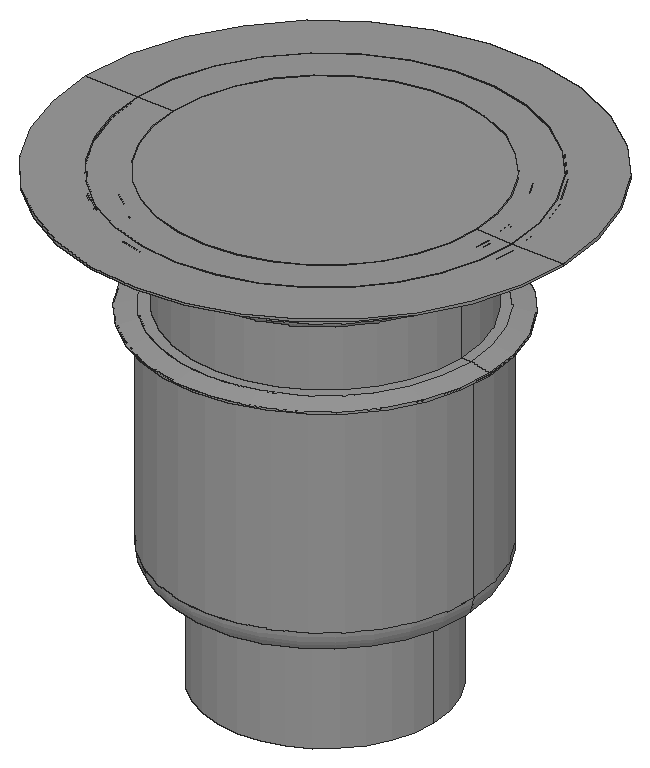
Revit family "ACO AUS Gully 218 Telescopic - Vinyl Top - Vertical Outlet with Location Flange - 222mm2", category Plumbing Fixtures, host Floor, Revit 2014 (continued)
Definition of nested family "Vinyl Gully Top"
  Lines and regions (mm)
    detail lines, style "Viditelná (ISO)", in view "Ref. Level", detail levels fine
      curve 151: line (118.704, -97.383, 0) -> (116.267, -99.858, 0)
      curve 152: line (116.267, -107.636, 0) -> (118.704, -110.111, 0)
      curve 153: line (120.29, -114, 0) -> (120.29, -130.487, 0)
      curve 154: line (114.964, -20.5, 0) -> (114.964, -10.5, 0)
      curve 155: line (114.964, -10.5, 0) -> (115.949, -10.5, 0)
      curve 156: line (115.949, -10.5, 0) -> (120.29, -10.5, 0)
      curve 157: line (120.29, -10.5, 0) -> (120.29, -20.5, 0)
      curve 158: line (111.229, -58.139, 0) -> (113.666, -55.664, 0)
      curve 159: line (113.666, -69.806, 0) -> (111.229, -67.331, 0)
      curve 160: line (111.229, -78.645, 0) -> (113.666, -76.17, 0)
      curve 161: line (113.666, -90.312, 0) -> (111.229, -87.837, 0)
      curve 162: line (111.229, -99.151, 0) -> (113.666, -96.676, 0)
      curve 163: line (113.666, -110.818, 0) -> (111.229, -108.343, 0)
      curve 164: line (115.949, -114, 0) -> (115.949, -130.487, 0)
      curve 165: line (115.949, -130.487, 0) -> (114.964, -130.487, 0)
      curve 166: line (114.964, -130.487, 0) -> (114.964, -114, 0)
      curve 167: line (111.925, -107.636, 0) -> (114.363, -110.111, 0)
      curve 168: line (114.363, -97.383, 0) -> (111.925, -99.858, 0)
      curve 169: line (111.925, -87.13, 0) -> (114.363, -89.605, 0)
      curve 170: line (114.363, -76.877, 0) -> (111.925, -79.352, 0)
      curve 171: line (111.925, -66.624, 0) -> (114.363, -69.099, 0)
      curve 172: line (114.363, -56.371, 0) -> (111.925, -58.846, 0)
      curve 173: line (118.12, -136.5, 0) -> (117.135, -136.5, 0)
      curve 174: line (120.381, -18, 0) -> (115.949, -18, 0)
      curve 177: spline (-43.33, -103.636, 0) -> (-43.171, -103.108, 0) -> (-43.037, -102.526, 0) -> (-42.929, -101.897, 0) -> (-42.849, -101.234, 0) -> (-42.799, -100.547, 0) -> (-42.779, -99.846, 0) -> (-42.79, -99.144, 0) -> (-42.832, -98.451, 0) -> (-42.904, -97.78, 0) -> (-43.004, -97.141, 0) -> (-43.131, -96.544, 0) -> (-43.283, -96, 0)
      curve 178: spline (-44.177, -106.111, 0) -> (-44.261, -106.374, 0) -> (-44.339, -106.652, 0) -> (-44.41, -106.945, 0) -> (-44.475, -107.25, 0) -> (-44.534, -107.568, 0) -> (-44.584, -107.896, 0) -> (-44.628, -108.232, 0) -> (-44.663, -108.577, 0) -> (-44.691, -108.927, 0) -> (-44.711, -109.282, 0) -> (-44.723, -109.641, 0) -> (-44.728, -110, 0)
      curve 179: spline (-43.935, -106.818, 0) -> (-44.004, -107.033, 0) -> (-44.067, -107.261, 0) -> (-44.126, -107.5, 0) -> (-44.179, -107.75, 0) -> (-44.227, -108.01, 0) -> (-44.268, -108.278, 0) -> (-44.304, -108.554, 0) -> (-44.333, -108.836, 0) -> (-44.356, -109.122, 0) -> (-44.372, -109.413, 0) -> (-44.382, -109.706, 0) -> (-44.385, -110, 0)
      curve 180: spline (-43.088, -104.343, 0) -> (-42.916, -103.777, 0) -> (-42.767, -103.156, 0) -> (-42.645, -102.489, 0) -> (-42.549, -101.784, 0) -> (-42.482, -101.052, 0) -> (-42.445, -100.302, 0) -> (-42.438, -99.545, 0) -> (-42.461, -98.79, 0) -> (-42.514, -98.048, 0) -> (-42.597, -97.33, 0) -> (-42.707, -96.644, 0) -> (-42.844, -96, 0)
      curve 181: spline (-19.596, -104.343, 0) -> (-19.424, -103.777, 0) -> (-19.275, -103.156, 0) -> (-19.152, -102.489, 0) -> (-19.057, -101.784, 0) -> (-18.99, -101.052, 0) -> (-18.953, -100.302, 0) -> (-18.946, -99.545, 0) -> (-18.969, -98.79, 0) -> (-19.022, -98.048, 0) -> (-19.104, -97.33, 0) -> (-19.215, -96.644, 0) -> (-19.351, -96, 0)
      curve 182: spline (-20.442, -106.818, 0) -> (-20.511, -107.033, 0) -> (-20.575, -107.261, 0) -> (-20.634, -107.5, 0) -> (-20.687, -107.75, 0) -> (-20.734, -108.01, 0) -> (-20.776, -108.278, 0) -> (-20.811, -108.554, 0) -> (-20.841, -108.836, 0) -> (-20.864, -109.122, 0) -> (-20.88, -109.413, 0) -> (-20.89, -109.706, 0) -> (-20.893, -110, 0)
      curve 183: spline (-44.728, -126.488, 0) -> (-43.994, -127.393, 0) -> (-43.199, -128.238, 0) -> (-42.347, -129.017, 0) -> (-41.443, -129.726, 0) -> (-40.492, -130.361, 0) -> (-39.499, -130.919, 0) -> (-38.469, -131.397, 0) -> (-37.409, -131.791, 0) -> (-36.324, -132.1, 0) -> (-35.22, -132.322, 0) -> (-34.104, -132.456, 0) -> (-32.981, -132.5, 0)
      curve 184: spline (-44.385, -126.488, 0) -> (-42.857, -128.238, 0) -> (-41.101, -129.726, 0) -> (-39.156, -130.919, 0) -> (-37.067, -131.791, 0) -> (-34.878, -132.322, 0) -> (-32.639, -132.5, 0) -> (-30.401, -132.322, 0) -> (-28.212, -131.791, 0) -> (-26.122, -130.919, 0) -> (-24.177, -129.726, 0) -> (-22.421, -128.238, 0) -> (-20.893, -126.488, 0)
      curve 185: spline (-32.639, -114, 0) -> (-34.099, -114.205, 0) -> (-35.458, -114.804, 0) -> (-36.626, -115.758, 0) -> (-37.522, -117, 0) -> (-38.085, -118.447, 0) -> (-38.277, -120, 0) -> (-38.085, -121.553, 0) -> (-37.522, -123, 0) -> (-36.626, -124.243, 0) -> (-35.458, -125.196, 0) -> (-34.099, -125.796, 0) -> (-32.639, -126, 0) -> (-31.18, -125.796, 0) -> (-29.82, -125.196, 0) -> (-28.653, -124.243, 0) -> (-27.757, -123, 0) -> (-27.193, -121.553, 0) -> (-27.001, -120, 0) -> (-27.193, -118.447, 0) -> (-27.757, -117, 0) -> (-28.653, -115.758, 0) -> (-29.82, -114.804, 0) -> (-31.18, -114.205, 0) -> (-32.639, -114, 0)
      curve 186: spline (-32.81, -125.998, 0) -> (-31.385, -125.755, 0) -> (-30.064, -125.135, 0) -> (-28.935, -124.178, 0) -> (-28.07, -122.948, 0) -> (-27.528, -121.524, 0) -> (-27.343, -120, 0) -> (-27.528, -118.477, 0) -> (-28.07, -117.053, 0) -> (-28.935, -115.823, 0) -> (-30.064, -114.866, 0) -> (-31.385, -114.246, 0) -> (-32.81, -114.003, 0)
      curve 187: line (-43.33, -103.636, 0) -> (-44.177, -106.111, 0)
      curve 188: line (-44.728, -110, 0) -> (-44.728, -126.488, 0)
      curve 189: line (-44.728, -126.488, 0) -> (-44.385, -126.488, 0)
      curve 190: line (-44.385, -126.488, 0) -> (-44.385, -110, 0)
      curve 191: line (-43.935, -106.818, 0) -> (-43.088, -104.343, 0)
      curve 192: line (-20.442, -106.818, 0) -> (-19.596, -104.343, 0)
      curve 193: line (-20.893, -126.488, 0) -> (-20.893, -110, 0)
      curve 194: line (-32.981, -132.5, 0) -> (-32.639, -132.5, 0)
    detail lines, in view "Ref. Level", detail levels fine
      curve 175: line (118.631, -10.5, 0) -> (118.631, -18, 0)
      curve 176: arc (114.964, -20.5, 0) -> (115.778, -26.5, 0) -> (114.964, -32.5, 0) r 22.534
Types (5, lengths in mm): name | Product Code 413029 | Product Code 413028 | Product Code 408236 | Product Code 408233 | Product Code 408226 | Product Code 408223 | Product Code 142008 | Product Code 142006 | Product Code 142005 | Product Code 142004 | Product Code 142003 | Product Code 142002 | Material | Gully Weight (Kg) | Gully Product Description | Gully Product Code | Gully Material | Grating Product Code 97388 | Grating Product Code 97148 | Foul Air Trap Seal Recycled Material Content | Foul Air Trap Seal Recyclable | Foul Air Trap Seal Material | Foul Air Trap Seal Colour | Flow Rate (l/s) | Foul Air Trap  &  Foul Air Trap Support Ring | 97388 - 222mm dia - Ladder Grating - Plain - Stainless Steel 316 | 97148 - 222mm dia - Ladder Grating - Plain - Stainless Steel 304
  (no name) | "N/A" | "2.0 litre removable strainer - Stainless steel grade 304 - 0.9kg" | "N/A" | "N/A" | "Waterproof bonding flange - Stainless steel grade 304 - 2.5kg" | "0.7 litre removable strainer - Stainless steel grade 304 - 0.6kg" | "N/A" | "N/A" | "N/A" | "N/A" | "N/A" | "N/A" | Stainless Steel AISI 304 | "4.8" | "ACO Gully 218 adjustable height DN160 vertical outlet with round vinyl top section without Foul Air Trap - grade 304" | "141996" | "Stainless Steel Grade 304" | "N/A" | "Load Class M125 (EN 1253) - Ladder Grating - Plain - Stainless steel grade 304 - 222mm - 2.4kg" | "N/A" | "N/A" | "N/A" | "N/A" | "27.1" | no | no | yes
  141998 - Adjustable Height with FAT SS 304 | "N/A" | "2.0 litre removable strainer - Stainless steel grade 304 - 0.9kg" | "N/A" | "N/A" | "Waterproof bonding flange - Stainless steel grade 304 - 2.5kg" | "0.7 litre removable strainer - Stainless steel grade 304 - 0.6kg" | "N/A" | "N/A" | "N/A" | "N/A" | "N/A" | "N/A" | Stainless Steel AISI 304 | "5.8" | "ACO Gully 218 adjustable height DN160 vertical outlet with round vinyl top section with Foul Air Trap - grade 304" | "141998" | "Stainless Steel Grade 304" | "N/A" | "Load Class M125 (EN 1253) - Ladder Grating - Plain - Stainless steel grade 304 - 222mm - 2.4kg" | "0%" | "Fully recyclable" | "NBR" | "Black" | "5-5.5" | yes | no | yes
  141999 - Adjustable Height with FAT SS 316 | "2.0 litre removable strainer - Stainless steel grade 316 - 0.9kg" | "N/A" | "Waterproof bonding flange - Stainless steel grade 316 - 2.5kg" | "0.7 litre removable strainer - Stainless steel grade 316 - 0.6kg" | "N/A" | "N/A" | "Fixed strainer to suit a 160mm outlet - Stainless steel grade 316 - 0.1kg" | "Retention chain connecting removable FAT to grate - Stainless steel grade 316 - 0.1kg" | "Retention chain connecting removable strainer to grate - Stainless steel grade 316 - 0.1kg" | "Retention chain connecting to FAT to removable strainer - Stainless steel grade 316 - 0.1kg" | "Retention chain connecting fixed strainer to removable strainer - Stainless steel grade 316 - 0.1kg" | "Retention chain connecting fixed strainer to FAT - Stainless steel grade 316 - 0.1kg" | Stainless Steel AISI 316 | "5.8" | "ACO Gully 218 adjustable height DN160 vertical outlet with round vinyl top section with Foul Air Trap - grade 316" | "141999" | "Stainless Steel Grade 316" | "Load Class M125 (EN 1253) - Ladder Grating - Plain - Stainless steel grade 316 - 222mm - 2.4kg" | "N/A" | "0%" | "Fully recyclable" | "NBR" | "Black" | "5-5.5" | yes | yes | no
  141996 - Adjustable Height without FAT SS 304 | "N/A" | "2.0 litre removable strainer - Stainless steel grade 304 - 0.9kg" | "N/A" | "N/A" | "Waterproof bonding flange - Stainless steel grade 304 - 2.5kg" | "0.7 litre removable strainer - Stainless steel grade 304 - 0.6kg" | "N/A" | "N/A" | "N/A" | "N/A" | "N/A" | "N/A" | Stainless Steel AISI 304 | "4.8" | "ACO Gully 218 adjustable height DN160 vertical outlet with round vinyl top section without Foul Air Trap - grade 304" | "141996" | "Stainless Steel Grade 304" | "N/A" | "Load Class M125 (EN 1253) - Ladder Grating - Plain - Stainless steel grade 304 - 222mm - 2.4kg" | "N/A" | "N/A" | "N/A" | "N/A" | "27.1" | no | no | yes
  141997 - Adjustable Height without FAT SS 316 | "2.0 litre removable strainer - Stainless steel grade 316 - 0.9kg" | "N/A" | "Waterproof bonding flange - Stainless steel grade 316 - 2.5kg" | "0.7 litre removable strainer - Stainless steel grade 316 - 0.6kg" | "N/A" | "N/A" | "Fixed strainer to suit a 160mm outlet - Stainless steel grade 316 - 0.1kg" | "N/A" | "Retention chain connecting removable strainer to grate - Stainless steel grade 316 - 0.1kg" | "N/A" | "Retention chain connecting fixed strainer to removable strainer - Stainless steel grade 316 - 0.1kg" | "N/A" | Stainless Steel AISI 316 | "4.8" | "ACO Gully 218 adjustable height DN160 vertical outlet with round vinyl top section without Foul Air Trap - grade 316" | "141997" | "Stainless Steel Grade 316" | "Load Class M125 (EN 1253) - Ladder Grating - Plain - Stainless steel grade 316 - 222mm - 2.4kg" | "N/A" | "N/A" | "N/A" | "N/A" | "N/A" | "27.1" | no | yes | no
